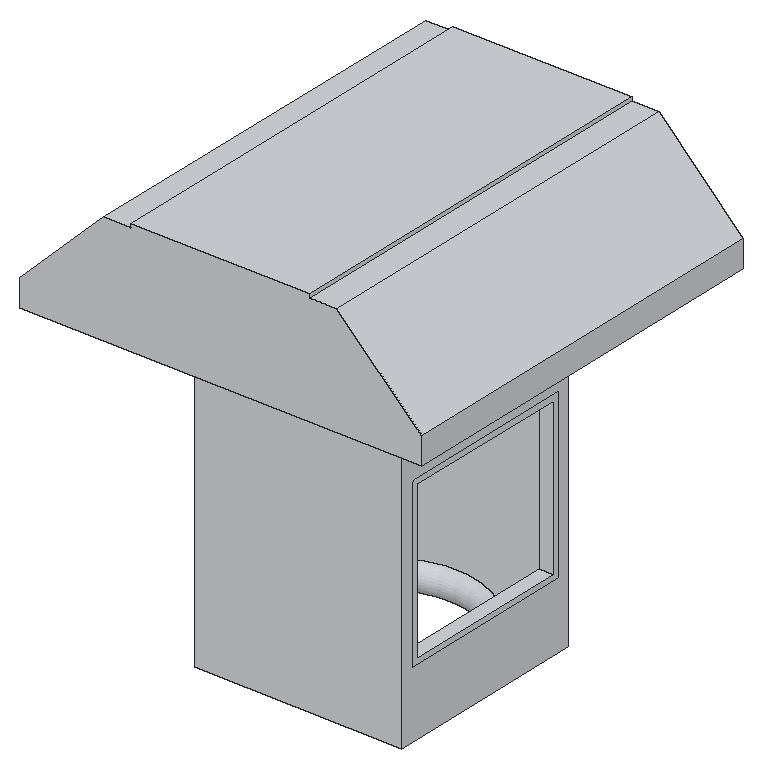
Revit family "MRSF-D", category Mechanical Equipment, Revit 2019
Family settings
  Round Connector Dimension = Use Diameter
  Part Type = Normal
  Work Plane-Based = No
  Always vertical = Yes
  Cut with Voids When Loaded = No
  Shared = No
  Room Calculation Point = No
Parameters (values of type "54_MRSF-D")
  W2/2 = W2 / 2  # 4' - 11 1/2"
  W2 = 9' - 11"
  W/2 = W / 2  # 4' - 11 1/2"
  W = 9' - 11"
  Unit Weight [instance] = ""
  T_SQ/2 = T_SQ / 2  # 2' - 9 3/4"
  T_SQ = 5' - 7 1/2"
  Sones [instance] = ""
  RO/2 = RO / 2  # 2' - 7 1/4"
  RO = T_SQ - 0' 5"  # 5' - 2 1/2"
  Motor RPM [instance] = ""
  Motor Enclosure [instance] = ""
  ModelID [instance] = ""
  LwA [instance] = ""
  Fan RPM [instance] = ""
  H = 3' - 6"
  E/2 = E / 2  # 2' - 2 7/8"
  E = 4' - 5 3/4"
  D = 4' - 1 1/4"
  CURB_OD/2 = CURB_OD / 2  # 2' - 8 3/4"
  CURB_OD = 5' - 5 1/2"
  CURB_HEIGHT [instance] = 0' - 9 1/2"
  CURB [instance] = yes
  C/2 = C / 2  # 0' - 10"
  C = 1' - 8"
  B/2 = B / 2  # 2' - 6 3/4"
  B*.45 = B * 0.45  # 2' - 3.675"
  B = 5' - 1 1/2"
  Accessories [instance] = ""
  A/2 = A / 2  # 3' - 8 7/8"
  A = 7' - 5 3/4"
  8" = 0' - 8"  # constant formula
  3" = 0' - 3"  # constant formula
  Brake Hp [instance] = ""
  4" = 0' - 4"  # constant formula
  2' = 2' - 0"
  2" = 0' - 2"  # constant formula
  135 = 135.00°  # constant formula
  1" = 0' - 1"  # constant formula
  0 = 0' - 0"  # constant formula
  Voltage [instance] = 0 V
  URL = "www.lorencook.com"
  Type Comments = "Economizer Fan Mix, Recirculate, Supply - Filtered Direct Drive"  # constant formula
  Static Pressure [instance] = 0.00 in-wg
  Power [instance] = Voltage * Motor FLA * sqrt(if(Phase = 3, 3, 1))  # 0 VA
  Phase [instance] = 0
  Number of Poles [instance] = 1
  Motor Hp [instance] = "0"
  Motor FLA [instance] = 0 A
  Model = "MRSF-D"  # constant formula
  Manufacturer = "Loren Cook Company"
  CFM [instance] = 0 CFM
  1.5 = 0' - 1 1/2"  # constant formula
  ONE EIGTH = 0' - 0 1/8"  # constant formula
  -W2/2 = -(W2 / 2)  # -4' - 11 1/2"
  -W/2 = -W / 2  # -4' - 11 1/2"
  -A+3.125" = -A + 0' 3 1/8"  # -7' - 2 5/8"
  -A+3 = -A + 0' 3"  # -7' - 2 3/4"
  -A = -A  # -7' - 5 3/4"
  -(B/2) = -(B / 2)  # -2' - 6 3/4"
Types (7): name | W2/2 | W2 | W/2 | W | T_SQ/2 | T_SQ | RO/2 | RO | H | E/2 | E | D | CURB_OD/2 | CURB_OD | C/2 | C | B/2 | B*.45 | B | A/2 | A | -W2/2 | -W/2 | -A+3.125" | -A+3 | -A | -(B/2)
  (no name) | 4' - 11 1/2" | 9' - 11" | 4' - 11 1/2" | 9' - 11" | 2' - 9 3/4" | 5' - 7 1/2" | 2' - 7 1/4" | 5' - 2 1/2" | 3' - 6" | 2' - 2 7/8" | 4' - 5 3/4" | 4' - 1 1/4" | 2' - 8 3/4" | 5' - 5 1/2" | 0' - 10" | 1' - 8" | 2' - 6 3/4" | 2' - 3.675" | 5' - 1 1/2" | 3' - 8 7/8" | 7' - 5 3/4" | -4' - 11 1/2" | -4' - 11 1/2" | -7' - 2 5/8" | -7' - 2 3/4" | -7' - 5 3/4" | -2' - 6 3/4"
  24_MRSF-D | 2' - 10 1/2" | 5' - 9" | 2' - 10 1/2" | 5' - 9" | 1' - 6 3/4" | 3' - 1 1/2" | 1' - 4 1/4" | 2' - 8 1/2" | 2' - 2" | 0' - 11 7/8" | 1' - 11 3/4" | 1' - 9 3/4" | 1' - 5 3/4" | 2' - 11 1/2" | 0' - 9" | 1' - 6" | 1' - 3 3/4" | 1' - 2.175" | 2' - 7 1/2" | 2' - 6 1/8" | 5' - 0 1/4" | -2' - 10 1/2" | -2' - 10 1/2" | -4' - 9 1/8" | -4' - 9 1/4" | -5' - 0 1/4" | -1' - 3 3/4"
  30_MRSF-D | 3' - 4" | 6' - 8" | 3' - 4" | 6' - 8" | 1' - 9 3/4" | 3' - 7 1/2" | 1' - 7 1/4" | 3' - 2 1/2" | 2' - 4" | 1' - 2 7/8" | 2' - 5 3/4" | 2' - 3 1/4" | 1' - 8 3/4" | 3' - 5 1/2" | 0' - 9" | 1' - 6" | 1' - 6 3/4" | 1' - 4 7/8" | 3' - 1 1/2" | 2' - 8 7/8" | 5' - 5 3/4" | -3' - 4" | -3' - 4" | -5' - 2 5/8" | -5' - 2 3/4" | -5' - 5 3/4" | -1' - 6 3/4"
  36_MRSF-D | 3' - 9" | 7' - 6" | 3' - 9" | 7' - 6" | 2' - 0 3/4" | 4' - 1 1/2" | 1' - 10 1/4" | 3' - 8 1/2" | 2' - 5" | 1' - 5 7/8" | 2' - 11 3/4" | 2' - 8 3/4" | 1' - 11 3/4" | 3' - 11 1/2" | 0' - 9" | 1' - 6" | 1' - 9 3/4" | 1' - 7.575" | 3' - 7 1/2" | 2' - 11 5/8" | 5' - 11 1/4" | -3' - 9" | -3' - 9" | -5' - 8 1/8" | -5' - 8 1/4" | -5' - 11 1/4" | -1' - 9 3/4"
  42_MRSF-D | 4' - 7" | 9' - 2" | 3' - 9" | 7' - 6" | 2' - 3 3/4" | 4' - 7 1/2" | 2' - 1 1/4" | 4' - 2 1/2" | 3' - 3" | 1' - 8 7/8" | 3' - 5 3/4" | 3' - 2 1/4" | 2' - 2 3/4" | 4' - 5 1/2" | 0' - 10" | 1' - 8" | 2' - 0 3/4" | 1' - 10.275" | 4' - 1 1/2" | 3' - 3 3/8" | 6' - 6 3/4" | -4' - 7" | -3' - 9" | -6' - 3 5/8" | -6' - 3 3/4" | -6' - 6 3/4" | -2' - 0 3/4"
  48_MRSF-D | 4' - 6 1/2" | 9' - 1" | 4' - 6 1/2" | 9' - 1" | 2' - 6 3/4" | 5' - 1 1/2" | 2' - 4 1/4" | 4' - 8 1/2" | 3' - 3" | 1' - 11 7/8" | 3' - 11 3/4" | 3' - 7 3/4" | 2' - 5 3/4" | 4' - 11 1/2" | 0' - 10" | 1' - 8" | 2' - 3 3/4" | 2' - 0.975" | 4' - 7 1/2" | 3' - 6 1/8" | 7' - 0 1/4" | -4' - 6 1/2" | -4' - 6 1/2" | -6' - 9 1/8" | -6' - 9 1/4" | -7' - 0 1/4" | -2' - 3 3/4"
  54_MRSF-D | 4' - 11 1/2" | 9' - 11" | 4' - 11 1/2" | 9' - 11" | 2' - 9 3/4" | 5' - 7 1/2" | 2' - 7 1/4" | 5' - 2 1/2" | 3' - 6" | 2' - 2 7/8" | 4' - 5 3/4" | 4' - 1 1/4" | 2' - 8 3/4" | 5' - 5 1/2" | 0' - 10" | 1' - 8" | 2' - 6 3/4" | 2' - 3.675" | 5' - 1 1/2" | 3' - 8 7/8" | 7' - 5 3/4" | -4' - 11 1/2" | -4' - 11 1/2" | -7' - 2 5/8" | -7' - 2 3/4" | -7' - 5 3/4" | -2' - 6 3/4"
Reference planes (in)
  plane 1 "Center (Front/Back)": y = 0
  plane 2: z = 0
  plane 3 "Center (Left/Right)": x = 0.40541
Forms (in)
  Extrusion 1, solid
    sketch origin (0, 0, 0) x (1, 0, 0) y (0, 1, 0)
      loop
        line (-33.34459, 33.75) -> (-33.34459, -33.75) -> (34.15541, -33.75) -> (34.15541, 33.75) -> (-33.34459, 33.75)
    from 0 to 3
  Extrusion 2, void
    sketch origin (0, 0, 0) x (1, 0, 0) y (0, 1, 0)
      loop
        line (-33.21959, 33.625) -> (-33.21959, -33.625) -> (34.03041, -33.625) -> (34.03041, 33.625) -> (-33.21959, 33.625)
    from 0 to 2.875
  Extrusion 3, solid
    sketch origin (0, 0, 3) x (1, 0, 0) y (0, 1, 0)
      loop
        line (-30.34459, 30.75) -> (-30.34459, -30.75) -> (31.15541, -30.75) -> (31.15541, 30.75) -> (-30.34459, 30.75)
    from -0.25 to -89.75 <- "-A"
  Extrusion 4, solid
    sketch origin (0, 0, 0) x (1, 0, 0) y (0, 0, 1)
      loop
        line (-30.34459, 3) -> (31.15541, 3) -> (31.15541, 11) -> (59.90541, 11) -> (59.90541, 19) -> (34.90541, 44) -> (26.90541, 44) -> (26.90541, 45) -> (-26.09459, 45) -> (-26.09459, 44) -> (-34.09459, 44) -> (-59.09459, 19) -> (-59.09459, 11) -> (-30.34459, 11) -> (-30.34459, 3)
    from 59.5 <- "W2/2" to -59.5 <- "-W2/2"
  Extrusion 5, void
    sketch origin (0.40541, 0, 0) x (0, 1, 0) y (0, 0, 1)
      loop
        line (-59.5, 3) -> (-30.75, 3) -> (-30.75, 11) -> (-59.5, 11) -> (-59.5, 3)
      loop
        line (59.5, 3) -> (59.5, 11) -> (30.75, 11) -> (30.75, 3) -> (59.5, 3)
    from 59.5 <- "W/2" to -59.5 <- "-W/2"
  Extrusion 6, void
    sketch origin (0, 0, 3) x (0, 1, 0) y (1, 0, 0)
      loop
        line (30.625, -30.21959) -> (30.625, 31.03041) -> (-30.625, 31.03041) -> (-30.625, -30.21959) -> (30.625, -30.21959)
    from 0.25 to 89.75 <- "A"
  Extrusion 7, void
    sketch origin (0.40541, 0, 0) x (0, 1, 0) y (0, 0, 1)
      loop
        line (26.875, -17.5) -> (-26.875, -17.5) -> (-26.875, -66.75) -> (26.875, -66.75) -> (26.875, -17.5)
    from -30.75 <- "-(B/2)" to 30.75 <- "B/2"
  Extrusion 8, solid
    sketch origin (-30.34459, -30.75, 3) x (0, 1, 0) y (0, 0, -1)
      loop
        line (57.625, 20.5) -> (57.625, 69.75) -> (3.875, 69.75) -> (3.875, 20.5) -> (57.625, 20.5)
      loop
        line (5.375, 68.25) -> (5.375, 22) -> (56.125, 22) -> (56.125, 68.25) -> (5.375, 68.25)
    from 0 to -4
  Extrusion 9, solid
    sketch origin (31.15541, 30.75, 3) x (0, -1, 0) y (0, 0, -1)
      loop
        line (56.125, 22) -> (56.125, 68.25) -> (5.375, 68.25) -> (5.375, 22) -> (56.125, 22)
      loop
        line (3.875, 69.75) -> (3.875, 20.5) -> (57.625, 20.5) -> (57.625, 69.75) -> (3.875, 69.75)
    from 0 to -4
  Extrusion 10, solid
    sketch origin (0, 0, 3) x (1, 0, 0) y (0, 1, 0)
      loop
        line (-30.21959, 30.625) -> (-30.21959, -30.625) -> (31.03041, -30.625) -> (31.03041, 30.625) -> (-30.21959, 30.625)
      loop
        circle (0.40541, 0) r 27.675
    from -86.625 <- "-A+3.125"" to -86.75 <- "-A+3"
  Revolve 11, solid
    sketch origin (0, 0, 0) x (1, 0, 0) y (0, 0, 1)
      loop
        arc (-27.26959, -83.75) -> (-23.26959, -79.75) -> (-27.26959, -75.75) r 4
        line (-27.26959, -75.75) -> (-27.26959, -83.75)
      axis (0.40541, -75.75) -> (0.40541, -83.75)
    angle from 0 to 360
  Extrusion 12, void
    sketch origin (0, 0, -83.625) x (0, 1, 0) y (1, 0, 0)
      loop
        circle (26.75, -26.34459) r 0.125
    from -0.5 to 0.5
  Extrusion 13, solid, visible <- "CURB"
    sketch origin (0, 0, 2.875) x (0, 1, 0) y (1, 0, 0)
      loop
        line (32.75, -32.34459) -> (32.75, 33.15541) -> (-32.75, 33.15541) -> (-32.75, -32.34459) -> (32.75, -32.34459)
      loop
        line (-31.25, 31.65541) -> (-31.25, -30.84459) -> (31.25, -30.84459) -> (31.25, 31.65541) -> (-31.25, 31.65541)
    from 0 to 9.5 <- "CURB_HEIGHT"
  Extrusion 14, solid, visible <- "CURB"
    sketch origin (0, 0, -6.625) x (-1, 0, 0) y (0, 1, 0)
      loop
        line (32.34459, -32.75) -> (32.34459, 32.75) -> (-33.15541, 32.75) -> (-33.15541, -32.75) -> (32.34459, -32.75)
      loop
        line (-35.15541, 34.75) -> (-35.15541, -34.75) -> (34.34459, -34.75) -> (34.34459, 34.75) -> (-35.15541, 34.75)
    from 0 to -0.125
Cuts and joins
  Extrusion 2, Extrusion 5, Extrusion 6 cuts Extrusion 1
  Extrusion 5 cuts Extrusion 4
  Extrusion 6, Extrusion 7, Extrusion 12 cuts Extrusion 3
  Extrusion 12 cuts Extrusion 10
  Extrusion 12 cuts Revolve 11
Dimensions and locks (in)
  "T_SQ/2": Extrusion 1 sketch curve to plane 3 "Center (Left/Right)"
  "T_SQ/2": plane 3 "Center (Left/Right)" to Extrusion 1 sketch curve
  "T_SQ/2": plane 1 "Center (Front/Back)" to Extrusion 1 sketch curve
  "T_SQ/2": Extrusion 1 sketch curve to plane 1 "Center (Front/Back)"
  "ONE EIGTH": Extrusion 2 sketch curve to Extrusion 1  (x3)
  "ONE EIGTH": Extrusion 1 to Extrusion 2 sketch curve
  "B/2": Extrusion 3 sketch curve to plane 3 "Center (Left/Right)"
  "B/2": plane 3 "Center (Left/Right)" to Extrusion 3 sketch curve
  "B/2": plane 1 "Center (Front/Back)" to Extrusion 3 sketch curve
  "B/2": Extrusion 3 sketch curve to plane 1 "Center (Front/Back)"
  "H": Extrusion 4 sketch curve to cut or joined group of Extrusion 1, Extrusion 2, Extrusion 5, Extrusion 6
  "W": Extrusion 4 sketch curve to Extrusion 4 sketch curve
  "0": Extrusion 3 to Extrusion 4 sketch curve  (x2)
  "1"": Extrusion 4 sketch curve to Extrusion 4 sketch curve  (x2)
  "W/2": Extrusion 4 sketch curve to plane 3 "Center (Left/Right)"
  "8"": Extrusion 4 sketch curve to Extrusion 4 sketch curve  (x4)
  "8"": Extrusion 4 sketch curve to cut or joined group of Extrusion 1, Extrusion 2, Extrusion 5, Extrusion 6
  "0": Extrusion 4 sketch curve to Extrusion 4 sketch curve
  "0": Extrusion 5 sketch curve to Extrusion 3
  "0": Extrusion 3 to Extrusion 5 sketch curve
  "0": Extrusion 5 sketch curve to cut or joined group of Extrusion 1, Extrusion 2, Extrusion 5, Extrusion 6  (x2)
  "0": Extrusion 5 sketch curve to Extrusion 4  (x4)
  "ONE EIGTH": cut or joined group of Extrusion 4, Extrusion 5 to Extrusion 6 sketch curve
  "ONE EIGTH": Extrusion 6 sketch curve to cut or joined group of Extrusion 4, Extrusion 5  (x3)
  "E/2": Extrusion 7 sketch curve to plane 1 "Center (Front/Back)"
  "E/2": plane 1 "Center (Front/Back)" to Extrusion 7 sketch curve
  "D": Extrusion 7 sketch curve to Extrusion 7 sketch curve
  "C": Extrusion 7 sketch curve to cut or joined group of Extrusion 3, Extrusion 6, Extrusion 7, Extrusion 12
  "0": cut or joined group of Extrusion 3, Extrusion 6, Extrusion 7, Extrusion 12 to Extrusion 8 sketch curve
  "0": Extrusion 8 sketch curve to cut or joined group of Extrusion 3, Extrusion 6, Extrusion 7, Extrusion 12  (x3)
  "1.5": Extrusion 8 sketch curve to Extrusion 8 sketch curve  (x4)
  "0": Extrusion 9 sketch curve to cut or joined group of Extrusion 3, Extrusion 6, Extrusion 7, Extrusion 12  (x3)
  "0": Extrusion 9 sketch curve to Extrusion 8  (x3)
  "0": cut or joined group of Extrusion 3, Extrusion 6, Extrusion 7, Extrusion 12 to Extrusion 9 sketch curve
  "0": Extrusion 8 to Extrusion 9 sketch curve
  "0": Extrusion 10 sketch curve to cut or joined group of Extrusion 3, Extrusion 6, Extrusion 7, Extrusion 12  (x3)
  "0": cut or joined group of Extrusion 3, Extrusion 6, Extrusion 7, Extrusion 12 to Extrusion 10 sketch curve
  "0": Extrusion 10 sketch curve to plane 3 "Center (Left/Right)"
  "0": Extrusion 10 sketch curve to plane 1 "Center (Front/Back)"
  "B*.45": Revolve 11 sketch curve to Revolve 11 sketch curve
  "8"": Revolve 11 sketch curve to Revolve 11 sketch curve
  "0": Revolve 11 sketch curve to plane 3 "Center (Left/Right)"
  "4"": Extrusion 12 sketch curve to cut or joined group of Extrusion 4, Extrusion 5
  "4"": cut or joined group of Extrusion 4, Extrusion 5 to Extrusion 12 sketch curve
  "3"": Revolve 11 sketch curve to cut or joined group of Extrusion 3, Extrusion 6, Extrusion 7, Extrusion 12
  "1.5": Extrusion 13 sketch curve to Extrusion 13 sketch curve  (x4)
  "CURB_OD/2": Extrusion 13 sketch curve to plane 3 "Center (Left/Right)"
  "CURB_OD/2": plane 3 "Center (Left/Right)" to Extrusion 13 sketch curve
  "CURB_OD/2": plane 1 "Center (Front/Back)" to Extrusion 13 sketch curve
  "CURB_OD/2": Extrusion 13 sketch curve to plane 1 "Center (Front/Back)"
  "2"": Extrusion 14 sketch curve to Extrusion 14 sketch curve  (x4)
  "0": Extrusion 13 to Extrusion 14 sketch curve
  "0": Extrusion 14 sketch curve to Extrusion 13  (x3)
  "B*.45": radius of Extrusion 10 sketch curve
  "ONE EIGTH": radius of Extrusion 12 sketch curve
  "135": angle Extrusion 4 sketch curve to Extrusion 4 sketch curve  (x2)
Automatic sketch dimensions
  level to Extrusion 4 sketch curve = 0' - 3"
  Revolve 11 sketch curve to Revolve 11 sketch curve = 0' - 1.17762"
  Revolve 11 sketch curve to Revolve 11 sketch curve = 0' - 5"
Connectors (in)
  electrical at (-26.34459, 26.75, -83.75)
    settings: on cut or joined group of Extrusion 10, Extrusion 12, index 1, voltage 0 V, apparent load 0 VA, apparent load phase1 0 VA, apparent load phase2 0 VA, apparent load phase3 0 VA, power factor 1, load classification "Other", number of poles 1, system type 30, power factor state 1, is connector primary yes, connector utility no, sub classification motor no, connector description ""
  hvac at (31.03041, 0, -42.125), driven by "D", driven by "E"
    settings: on cut or joined group of Extrusion 3, Extrusion 6, Extrusion 7, Extrusion 12, index 2, duct flow 0 CFM, flow factor 0, pres drop 0.00 in-wg, loss coef 0, conn angle 0.00°, conn width 53 3/4", conn height 49 1/4", conn diameter 24", duct sys type 29, conn prof type 1, flow config 0, flow direction 0, loss method 0, conn ref index -1, conn util no, is conn primary yes, conn desc ""
  hvac at (0.40541, 0, -83.75), driven by "B", driven by "B"
    settings: on cut or joined group of Extrusion 10, Extrusion 12, index 3, duct flow 0 CFM, flow factor 0, pres drop 0.00 in-wg, loss coef 0, conn angle 0.00°, conn width 61 1/2", conn height 61 1/2", conn diameter 24", duct sys type 1, conn prof type 1, flow config 0, flow direction 0, loss method 0, conn ref index -1, conn util no, is conn primary no, conn desc ""
  hvac at (-30.34459, 0, -42.125), driven by "D", driven by "E"
    settings: on cut or joined group of Extrusion 3, Extrusion 6, Extrusion 7, Extrusion 12, index 4, duct flow 0 CFM, flow factor 0, pres drop 0.00 in-wg, loss coef 0, conn angle 0.00°, conn width 53 3/4", conn height 49 1/4", conn diameter 24", duct sys type 29, conn prof type 1, flow config 0, flow direction 0, loss method 0, conn ref index -1, conn util no, is conn primary no, conn desc ""
